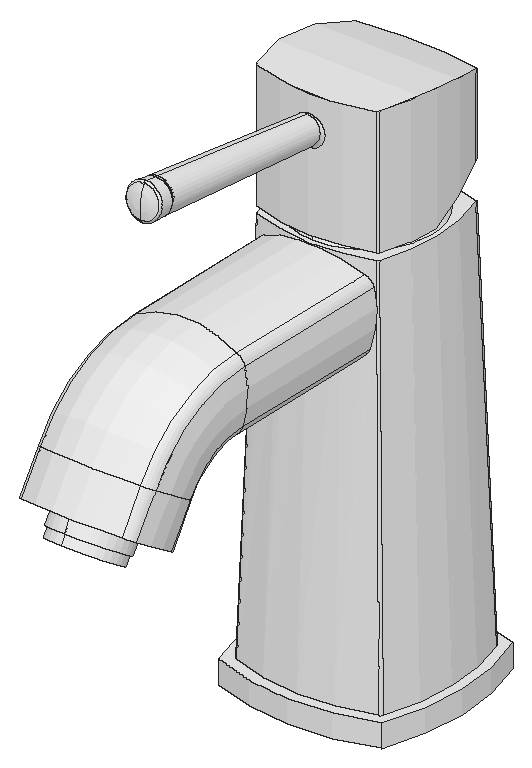
Revit family "Faucet-Lavatory-Grohe-Grandera-23312_Series", category Plumbing Fixtures, Revit 2014
Parameters (values of type "23312000")
  cUPC Compliant = yes
  Waste Connection = no
  Warranty Documentation Link = "https://cdn.cloud.grohe.com/tpi/1000/1900/1940/1949/1949006/original/1949006.pdf"
  WFU = 0
  Vent Connection = no
  URL = "http://www.grohe.com/ca-en/"
  Shipping Weight = 4.07 lbf
  Product Page URL = "https://www.grohe.com/ca-en/25793/bathroom/bathroom-faucets/grandera/product-details/?product=23312-G357&color=000&material=23312000"
  Price = "Prices may vary. Please consult Manufacturer Representative for most up-to-date price list."  # constant formula
  Model = "23312000"
  Material = "Metal-Grohe-000-Chrome"
  Manufacturer = "Grohe"
  Length = 4 3/8"  # constant formula
  Installation Type = "Deck-Mounted"
  Hot Water Connection Diameter = 3/8"
  Height = 6 7/8"  # constant formula
  HWFU = 1.5
  HW Connection = yes
  Flow Rate = "1.5 gpm (5.7 L/min)"
  Finish = Metal-Grohe-000-Chrome
  Description = "Grandera Single-lever basin mixer 1/2\" M-Size"
  Default Elevation = 0"
  Creation Date = "1/26/2017"  # constant formula
  Cold Water Connection Diameter = 3/8"
  CalGreen Compliant = yes
  CWFU = 1.5
  CW Connection = yes
  Assembly Code = "D2020300"
  ADA Compliant = yes
Types (5): name | Shipping Weight | Product Page URL | Model | Material | Flow Rate | Finish
  (no name) | 4.07 lbf | "https://www.grohe.com/ca-en/25793/bathroom/bathroom-faucets/grandera/product-details/?product=23312-G357&color=000&material=23312000" | "23312000" | "Metal-Grohe-000-Chrome" | "1.5 gpm (5.7 L/min)" | Metal-Grohe-000-Chrome
  23312000 | 4.07 lbf | "https://www.grohe.com/ca-en/25793/bathroom/bathroom-faucets/grandera/product-details/?product=23312-G357&color=000&material=23312000" | "23312000" | "Metal-Grohe-000-Chrome" | "1.5 gpm (5.7 L/min)" | Metal-Grohe-000-Chrome
  2331200A | 4.07 lbf | "https://www.grohe.com/ca-en/25793/bathroom/bathroom-faucets/grandera/product-details/?product=23312-G357&color=00A&material=2331200A" | "2331200A" | "Metal-Grohe-00A-Chrome" | "1.2 gpm (4.56 L/min)" | Metal-Grohe-00A-Chrome
  23312EN0 | 4.00 lbf | "https://www.grohe.com/ca-en/25793/bathroom/bathroom-faucets/grandera/product-details/?product=23312-G357&color=EN0&material=23312EN0" | "23312EN0" | "Metal-Grohe-EN0-Brushed Nickel" | "1.5 gpm (5.7 L/min)" | Metal-Grohe-EN0-Brushed Nickel
  23312ENA | 4.00 lbf | "https://www.grohe.com/ca-en/25793/bathroom/bathroom-faucets/grandera/product-details/?product=23312-G357&color=ENA&material=23312ENA" | "23312ENA" | "Metal-Grohe-ENA-Brushed Nickel" | "1.2 gpm (4.56 L/min)" | Metal-Grohe-ENA-Brushed Nickel
Reference planes (in)
  plane 1 "Center (Front/Back)": y = 0
  plane 2: z = 0
  plane 3 "Center (Left/Right)": x = 0
  plane 4: x = -1.1875
  plane 5: x = 1.1875
  plane 6: y = 1.3125
  plane 7: y = 1.1875
  plane 8: y = -1.1875
  plane 9: through (0, -3.44939, 6.67499) normal (0, -0.1219, -0.9925)
  plane 10: z = 6.875
  plane 11: z = 3.25
  plane 12: y = -4.375
  plane 13: through (0, -4.375, 3.25) normal (0, -0.866, 0.5)
Forms (in)
  Extrusion 1, solid, material "Metal-Grohe-000-Chrome" <- "Finish"
    sketch origin (0, 0, 0) x (1, 0, 0) y (0, 1, 0)
      loop
        arc (-0.99784, 0.99095) -> (-1.18799, 0) -> (-0.99784, -0.99095) r 2.67717
        arc (-0.99784, -0.99095) -> (-0.00689, -1.1811) -> (0.98406, -0.99095) r 2.67717
        arc (0.98406, -0.99095) -> (1.17421, 0) -> (0.98406, 0.99095) r 2.67717
        arc (0.98406, 0.99095) -> (-0.00689, 1.1811) -> (-0.99784, 0.99095) r 2.67717
    from 0 to 0.27559
  Blend 2, solid, material "Metal-Grohe-000-Chrome" <- "Finish"
    base sketch origin (5.125, 0, 0) x (1, 0, 0) y (0, 1, 0)
      loop
        arc (-4.21719, 0.86382) -> (-4.23166, 0.88645) -> (-4.25429, 0.90092) r 0.0625
        arc (-4.25429, 0.90092) -> (-5.12654, 1.05464) -> (-5.99773, 0.89505) r 2.50369
        arc (-5.99773, 0.89505) -> (-6.02063, 0.88022) -> (-6.03524, 0.85718) r 0.06377
        arc (-6.03524, 0.85718) -> (-6.18655, -0.0003) -> (-6.03503, -0.85774) r 2.50369
        arc (-6.03503, -0.85774) -> (-6.02072, -0.88031) -> (-5.99829, -0.89484) r 0.0625
        arc (-5.99829, -0.89484) -> (-5.12684, -1.05464) -> (-4.25429, -0.90092) r 2.50369
        arc (-4.25429, -0.90092) -> (-4.23166, -0.88645) -> (-4.21719, -0.86382) r 0.0625
        arc (-4.21719, -0.86382) -> (-4.06345, 0) -> (-4.21719, 0.86382) r 2.50369
    top sketch origin (5.125, 0, 0) x (1, 0, 0) y (0, 1, 0)
      loop
        arc (-4.39482, 0.75324) -> (-5.12487, 0.87515) -> (-5.85495, 0.75338) r 2.24803
        arc (-5.85495, 0.75338) -> (-5.86872, 0.74478) -> (-5.87732, 0.731) r 0.03603
        arc (-5.87732, 0.731) -> (-5.9991, 0.00092) -> (-5.87718, -0.72913) r 2.24803
        arc (-5.87718, -0.72913) -> (-5.86879, -0.74257) -> (-5.85536, -0.75096) r 0.03516
        arc (-5.85536, -0.75096) -> (-5.12509, -0.87288) -> (-4.39482, -0.75096) r 2.24803
        arc (-4.39482, -0.75096) -> (-4.38138, -0.74257) -> (-4.37299, -0.72913) r 0.03516
        arc (-4.37299, -0.72913) -> (-4.25107, 0.00114) -> (-4.37299, 0.73141) r 2.24803
        arc (-4.37299, 0.73141) -> (-4.38138, 0.74485) -> (-4.39482, 0.75324) r 0.03516
    from 0 to 5.11811
  Sweep 3, solid, material "Metal-Grohe-000-Chrome" <- "Finish"
    path origin (5.125, 0, -0.14723) x (0, 1, 0) y (0, 0, 1)
      loop
        line (0, 2.85955) -> (0, 3.94005)
        arc (0, 3.94005) -> (-0.21967, 4.47038) -> (-0.75, 4.69005) r 0.75
        line (-0.75, 4.69005) -> (-2.73624, 4.69005)
        arc (-2.73624, 4.69005) -> (-3.37603, 4.52459) -> (-3.85538, 4.0697) r 1.31967
        line (-3.85538, 4.0697) -> (-4.13356, 3.62452)
    profile origin (5.125, 0, 3.25257) x (0, -1, 0) y (1, 0, 0)
      loop
        arc (-0.40648, -5.7305) -> (-0.35436, -5.78925) -> (-0.28318, -5.82247) r 0.19367
        arc (-0.28318, -5.82247) -> (0.05103, -5.85447) -> (0.38144, -5.79485) r 1.22911
        arc (0.38144, -5.79485) -> (0.446, -5.7591) -> (0.4927, -5.70196) r 0.19531
        arc (0.4927, -5.70196) -> (0.64022, -5.11949) -> (0.494, -4.53669) r 1.22911
        arc (0.494, -4.53669) -> (0.44736, -4.47937) -> (0.38275, -4.44348) r 0.19531
        arc (0.38275, -4.44348) -> (0.05146, -4.38344) -> (-0.28369, -4.41555) r 1.22911
        arc (-0.28369, -4.41555) -> (-0.35564, -4.44922) -> (-0.40823, -4.50876) r 0.19531
        arc (-0.40823, -4.50876) -> (-0.5699, -5.11986) -> (-0.40648, -5.7305) r 1.22911
  Extrusion 4, solid, material "Metal-Grohe-000-Chrome" <- "Finish"
    sketch origin (0, 0.17969, 0.35156) x (0, 1, 0) y (0, 0, 1)
      loop
        line (1.28867, 1.9685) -> (0.88508, 1.9685)
        arc (0.88508, 1.9685) -> (0.8652, 1.96027) -> (0.85696, 1.94038) r 0.02812
        line (0.85696, 1.94038) -> (0.85696, 1.66973)
        arc (0.85696, 1.66973) -> (0.86438, 1.64691) -> (0.88379, 1.6328) r 0.03883
        line (0.88379, 1.6328) -> (1.01692, 1.58955)
        arc (1.01692, 1.58955) -> (1.03196, 1.59073) -> (1.04176, 1.6022) r 0.01971
        line (1.04176, 1.6022) -> (1.07677, 1.70996)
        arc (1.07677, 1.70996) -> (1.08851, 1.72612) -> (1.1075, 1.73229) r 0.0323
        line (1.1075, 1.73229) -> (1.29103, 1.73229)
        arc (1.29103, 1.73229) -> (1.30621, 1.73857) -> (1.3125, 1.75375) r 0.02147
        line (1.3125, 1.75375) -> (1.3125, 1.94467)
        arc (1.3125, 1.94467) -> (1.30552, 1.96152) -> (1.28867, 1.9685) r 0.02383
    from -0.23918 to 0.25128
  Revolve 5, solid, material "Metal-Grohe-000-Chrome" <- "Finish"
    sketch origin (0, 0.07813, -0.00781) x (0, 1, 0) y (0, 0, 1)
      loop
        line (1.13219, 2.04297) -> (1.06641, 2.06434) -> (0.74048, 1.06123) -> (0.80626, 1.03986) -> (1.13219, 2.04297)
      axis (0.74048, 1.06123) -> (1.06641, 2.06434)
    angle from 0 to 360
  Revolve 6, solid, material "Metal-Grohe-000-Chrome" <- "Finish"
    sketch origin (0, 0, 0) x (0, 1, 0) y (0, 0, 1)
      loop
        line (0, 5.63582) -> (0, 4.90626) -> (0.8142, 4.90626) -> (0.8142, 5.11811)
        arc (0.8142, 5.11811) -> (0.4826, 5.49571) -> (0, 5.63582) r 0.8973
      axis (0, 5.63582) -> (0, 4.90626)
    angle from 0 to 360
  Extrusion 7, solid, material "Metal-Grohe-000-Chrome" <- "Finish"
    sketch origin (0, 0, 0) x (1, 0, 0) y (0, 1, 0)
      loop
        arc (0.73018, 0.75324) -> (-0.00009, 0.87516) -> (-0.73036, 0.75324) r 2.24803
        arc (-0.73036, 0.75324) -> (-0.74379, 0.74485) -> (-0.75218, 0.73141) r 0.03516
        arc (-0.75218, 0.73141) -> (-0.8741, 0.00114) -> (-0.75218, -0.72913) r 2.24803
        arc (-0.75218, -0.72913) -> (-0.74379, -0.74257) -> (-0.73036, -0.75096) r 0.03516
        arc (-0.73036, -0.75096) -> (-0.00009, -0.87288) -> (0.73018, -0.75096) r 2.24803
        arc (0.73018, -0.75096) -> (0.74362, -0.74257) -> (0.75201, -0.72913) r 0.03516
        arc (0.75201, -0.72913) -> (0.87393, 0.00114) -> (0.75201, 0.73141) r 2.24803
        arc (0.75201, 0.73141) -> (0.74362, 0.74485) -> (0.73018, 0.75324) r 0.03516
    from 5.20431 to 7.17638
  Extrusion 8, void
    sketch origin (0, 0, 0) x (0, 1, 0) y (0, 0, 1)
      loop
        line (1.07733, 6.4415) -> (1.07733, 7.3425) -> (-0.96471, 7.3425) -> (-0.96471, 6.72816)
        arc (-0.96471, 6.72816) -> (0.07553, 6.72174) -> (1.07733, 6.4415) r 3.91361
      loop
        line (-0.10642, 5.17183) -> (0.96678, 5.17183) -> (0.96678, 5.69527) -> (-0.10642, 5.17183)
    from -1.1875 to 1.1875
  Revolve 9, solid, material "Metal-Grohe-000-Chrome" <- "Finish"
    sketch origin (0, 0.01562, 0) x (0, 1, 0) y (0, 0, 1)
      loop
        arc (-0.91286, 6.52833) -> (-2.04939, 6.67374) -> (-3.18177, 6.8486) r 44.14224
        line (-3.18177, 6.8486) -> (-3.18775, 6.81752) -> (-3.21953, 6.82364) -> (-3.21408, 6.85603)
        arc (-3.21408, 6.85603) -> (-3.28966, 6.86883) -> (-3.36523, 6.88177) r 44.14118
        arc (-3.36523, 6.88177) -> (-3.38153, 6.87925) -> (-3.39303, 6.86742) r 0.02596
        arc (-3.39303, 6.86742) -> (-3.42906, 6.7735) -> (-3.44939, 6.67499) r 0.61877
        line (-3.44939, 6.67499) -> (-0.82705, 6.35301) -> (-0.82705, 6.58062)
        arc (-0.82705, 6.58062) -> (-0.86098, 6.53974) -> (-0.91286, 6.52833) r 0.08178
      axis (-0.82705, 6.35301) -> (-3.44939, 6.67499)
    angle from 0 to 360
  Revolve 10, solid, material "Metal-Grohe-000-Chrome" <- "Finish"
    sketch origin (0, 0.2711, -4.77202) x (0, 0.97814, -0.207948) y (0, 0.207948, 0.97814)
      loop
        line (-5.69098, 6.86176) -> (-5.66119, 6.85153) -> (-5.58089, 7.07217) -> (-5.99798, 7.22398) -> (-6.12147, 6.88469) -> (-5.72934, 6.75005) -> (-5.69098, 6.86176)
      axis (-5.99798, 7.22398) -> (-6.12147, 6.88469)
    angle from 0 to 360
  Extrusion 11, solid, material "Metal-Grohe-000-Chrome" <- "Finish"
    sketch origin (0, 0, 0) x (1, 0, 0) y (0, 1, 0)
      loop
        circle (-0.43015, 0) r 0.1875
      loop
        circle (0.43015, 0) r 0.1875
    from 0 to 1.03412
Cuts and joins
  Extrusion 8 cuts Extrusion 7
  joined: Extrusion 1, Blend 2, Sweep 3, Extrusion 4, Revolve 5, Revolve 6, Extrusion 7, Revolve 9, Revolve 10, Extrusion 11
Lines and regions (in)
  Masking region 1
    outline origin (0, 0, 0) x (1, 0, 0) y (0, 1, 0)
      loop
        arc (0.98406, 0.99095) -> (0.62396, 1.10571) -> (0.25128, 1.16862) r 2.67717
        line (0.25128, 1.16862) -> (0.25128, 1.49219) -> (-0.23918, 1.49219) -> (-0.23918, 1.17101)
        arc (-0.23918, 1.17101) -> (-0.6251, 1.10875) -> (-0.99784, 0.99095) r 2.67717
        arc (-0.99784, 0.99095) -> (-1.18799, 0) -> (-0.99784, -0.99095) r 2.67717
        arc (-0.99784, -0.99095) -> (-0.86961, -1.03829) -> (-0.73913, -1.07902) r 2.67717
        line (-0.73913, -1.07902) -> (-0.73913, -4.17139)
        arc (-0.73913, -4.17139) -> (-0.72759, -4.2601) -> (-0.70842, -4.34748) r 1.03341
        arc (-0.70842, -4.34748) -> (-0.00632, -4.64215) -> (0.7033, -4.36609) r 1.01576
        arc (0.7033, -4.36609) -> (0.72589, -4.2696) -> (0.73913, -4.17139) r 1.03341
        line (0.73913, -4.17139) -> (0.73913, -1.07506)
        arc (0.73913, -1.07506) -> (0.86261, -1.03597) -> (0.98406, -0.99095) r 2.67717
        arc (0.98406, -0.99095) -> (1.17421, 0) -> (0.98406, 0.99095) r 2.67717
  symbolic lines, detail levels medium+fine
    curve 1: arc (0.74638, 0.7476, 0) -> (-0.00009, 0.87516, 0) -> (-0.74655, 0.7476, 0) r 2.24803
    curve 2: arc (-0.74655, 0.7476, 0) -> (-0.8741, 0.00114, 0) -> (-0.74655, -0.74533, 0) r 2.24803
    curve 3: arc (0.74638, -0.74533, 0) -> (0.87393, 0.00114, 0) -> (0.74638, 0.7476, 0) r 2.24803
    curve 4: arc (-0.74655, -0.74533, 0) -> (-0.47606, -0.82191, 0) -> (-0.19813, -0.86414, 0) r 2.24803
    curve 5: line (-0.73913, -1.11841, 0) -> (-0.73913, -0.74792, 0)
    curve 6: line (0.73913, -1.11533, 0) -> (0.73913, -0.74786, 0)
    curve 7: arc (-0.19982, -3.40431, 0) -> (-0.00546, -3.43912, 0) -> (0.18889, -3.40431, 0) r 0.56004
    curve 8: arc (0.18889, -3.40431, 0) -> (0.21157, -3.38342, 0) -> (0.213, -3.35262, 0) r 0.04055
    curve 9: line (0.213, -3.35262, 0) -> (0.20847, -3.22289, 0)
    curve 10: arc (0.20847, -3.22289, 0) -> (0.19235, -3.21367, 0) -> (0.17407, -3.21037, 0) r 0.05482
    curve 11: arc (0.20516, -3.19027, 0) -> (0.1627, -2.04938, 0) -> (0.16532, -0.9077, 0) r 28.90634
    curve 12: arc (0.16532, -0.9077, 0) -> (0.17763, -0.88281, 0) -> (0.19816, -0.86412, 0) r 0.07486
    curve 13: arc (-0.18889, -3.40431, 0) -> (-0.21157, -3.38342, 0) -> (-0.213, -3.35262, 0) r 0.04055
    curve 14: line (-0.213, -3.35262, 0) -> (-0.20847, -3.22289, 0)
    curve 15: arc (-0.20847, -3.22289, 0) -> (-0.19235, -3.21367, 0) -> (-0.17407, -3.21037, 0) r 0.05482
    curve 16: arc (-0.20516, -3.19027, 0) -> (-0.1627, -2.04938, 0) -> (-0.16532, -0.9077, 0) r 28.90634
    curve 17: arc (-0.16532, -0.9077, 0) -> (-0.17762, -0.88282, 0) -> (-0.19813, -0.86414, 0) r 0.07486
    curve 18: arc (0.19816, -0.86412, 0) -> (0.47599, -0.82189, 0) -> (0.74638, -0.74533, 0) r 2.24803
    curve 19: arc (-0.20516, -3.19027, 0) -> (-0.19167, -3.20349, 0) -> (-0.17407, -3.21037, 0) r 0.04724
    curve 20: arc (0.20516, -3.19027, 0) -> (0.19167, -3.20349, 0) -> (0.17407, -3.21037, 0) r 0.04724
    curve 27: arc (-0.19813, -0.86414, 0) -> (-0.00034, -0.87287, 0) -> (0.19745, -0.86414, 0) r 2.24516
  symbolic lines, detail levels fine
    curve 21: arc (-0.82856, 0.90074, 0) -> (-0.00485, 1.04496, 0) -> (0.82013, 0.90828, 0) r 2.48935
    curve 22: arc (-0.91965, -0.79927, 0) -> (-1.05144, 0.00767, 0) -> (-0.91471, 0.81379, 0) r 2.48958
    curve 23: arc (0.83317, -0.90361, 0) -> (0.7863, -0.91959, 0) -> (0.73913, -0.93463, 0) r 2.48935
    curve 24: arc (0.91474, 0.81368, 0) -> (1.05144, -0.00684, 0) -> (0.91019, -0.82659, 0) r 2.48949
    curve 25: line (-0.23918, 1.17101, 0) -> (-0.23918, 1.03283, 0)
    curve 26: line (0.25128, 1.16862, 0) -> (0.25128, 1.03293, 0)
    curve 28: arc (-0.91471, 0.81379, 0) -> (-0.88154, 0.86707, 0) -> (-0.82856, 0.90074, 0) r 0.14134
    curve 29: arc (0.82013, 0.90828, 0) -> (0.87832, 0.87187, 0) -> (0.91474, 0.81368, 0) r 0.15302
    curve 30: arc (0.91019, -0.82659, 0) -> (0.88043, -0.87385, 0) -> (0.83317, -0.90361, 0) r 0.12602
    curve 31: arc (-0.8142, -0.90568, 0) -> (-0.87921, -0.86465, 0) -> (-0.91965, -0.79927, 0) r 0.1708
    curve 32: arc (-0.73913, -0.93056, 0) -> (-0.77676, -0.91842, 0) -> (-0.8142, -0.90568, 0) r 2.48935
    curve 33: arc (-0.17407, -3.21037, 0) -> (0, -3.2295, 0) -> (0.17407, -3.21037, 0) r 0.80146
    curve 34: arc (-0.20847, -3.22289, 0) -> (0, -3.24588, 0) -> (0.20847, -3.22289, 0) r 0.95676
Dimensions and locks (in)
  equal spacing: plane 4, plane 3 "Center (Left/Right)", plane 5
  locked: plane 4 to plane 5 at 2.375
  locked: plane 6 to plane 1 "Center (Front/Back)" at 1.3125
  equal spacing: plane 7, plane 1 "Center (Front/Back)", plane 8
  locked: plane 7 to plane 8 at 2.375
  "Height": level to plane 10
  locked: plane 11 to level at 3.25
  "Length": plane 1 "Center (Front/Back)" to plane 12
  "Hot Water Connection Diameter": diameter of Extrusion 11 sketch curve
  "Cold Water Connection Diameter": diameter of Extrusion 11 sketch curve
  locked: plane 12 to plane 13 (angle 30.00°)
  aligned and locked: Extrusion 1 to level
Automatic sketch dimensions
  Extrusion 1 sketch curve to plane 1 "Center (Front/Back)" = 0"  (x2)
  Extrusion 1 sketch curve to plane 4 = 0.31545"
  Extrusion 1 sketch curve to plane 3 "Center (Left/Right)" = 0.00689"  (x2)
  Extrusion 1 sketch curve to plane 5 = 0.30167"
  plane 8 to Extrusion 1 sketch curve = 0.30856"
  Extrusion 1 sketch curve to plane 6 = 0.18356"
  plane 4 to Extrusion 1 sketch curve = 0.18966"  (x2)
  plane 5 to Extrusion 1 sketch curve = 0.20344"
  Extrusion 1 sketch curve to plane 8 = 0.19655"
  Blend 2 sketch curve to plane 1 "Center (Front/Back)" = 0"  (x2)
  Blend 2 sketch curve to plane 4 = 0.25464"
  plane 4 to Blend 2 sketch curve = 0.33618"
  plane 4 to Blend 2 sketch curve = 0.33718"
  plane 3 "Center (Left/Right)" to Blend 2 sketch curve = 0.00689"  (x2)
  plane 5 to Blend 2 sketch curve = 0.33835"  (x2)
  Blend 2 sketch curve to plane 5 = 0.25464"
  Blend 2 sketch curve to plane 8 = 0.35117"
  Blend 2 sketch curve to plane 8 = 0.34524"
  plane 8 to Blend 2 sketch curve = 0.26153"
  Blend 2 sketch curve to plane 7 = 0.35215"
  Blend 2 sketch curve to plane 7 = 0.34524"
  Blend 2 sketch curve to plane 6 = 0.13653"
  Blend 2 sketch curve to Blend 2 sketch curve = 0.05991"
  Blend 2 sketch curve to Blend 2 sketch curve = 0"  (x14)
  Blend 2 sketch curve to plane 1 "Center (Front/Back)" = 0.00114"  (x2)
  Blend 2 sketch curve to plane 4 = 0.1866"
  plane 4 to Blend 2 sketch curve = 0.46857"
  plane 4 to Blend 2 sketch curve = 0.46925"
  Blend 2 sketch curve to plane 3 "Center (Left/Right)" = 0.00009"  (x2)
  plane 5 to Blend 2 sketch curve = 15/32"  (x2)
  Blend 2 sketch curve to plane 5 = 0.18643"
  Blend 2 sketch curve to plane 8 = 0.46979"  (x2)
  plane 8 to Blend 2 sketch curve = 0.18538"
  Blend 2 sketch curve to plane 7 = 0.4682"
  Blend 2 sketch curve to plane 7 = 0.46751"
  Blend 2 sketch curve to plane 6 = 0.06266"
  Blend 2 sketch curve to Blend 2 sketch curve = 0.03407"
  Extrusion 7 sketch curve to plane 1 "Center (Front/Back)" = 0.00114"  (x2)
  Extrusion 7 sketch curve to plane 4 = 0.1866"
  plane 4 to Extrusion 7 sketch curve = 0.46857"  (x2)
  Extrusion 7 sketch curve to plane 3 "Center (Left/Right)" = 0.00009"  (x2)
  plane 5 to Extrusion 7 sketch curve = 15/32"  (x2)
  Extrusion 7 sketch curve to plane 5 = 0.18643"
  Extrusion 7 sketch curve to plane 8 = 0.46979"  (x2)
  plane 8 to Extrusion 7 sketch curve = 0.18538"
  Extrusion 7 sketch curve to plane 7 = 0.46751"  (x2)
  Extrusion 7 sketch curve to plane 6 = 0.06266"
  Extrusion 7 sketch curve to Extrusion 7 sketch curve = 0.03325"  (x2)
  Extrusion 7 sketch curve to Extrusion 7 sketch curve = 0"  (x6)
  Masking region 1 sketch curve to Masking region 1 sketch curve = 0"  (x4)
  Masking region 1 sketch curve to plane 1 "Center (Front/Back)" = 0"  (x2)
  Masking region 1 sketch curve to plane 4 = 0.31545"
  Masking region 1 sketch curve to plane 8 = 0.10848"
  Masking region 1 sketch curve to plane 3 "Center (Left/Right)" = 0.73913"
  Masking region 1 sketch curve to Masking region 1 sketch curve = 0.44867"  (x2)
  Masking region 1 sketch curve to plane 7 = 0.01649"
  Masking region 1 sketch curve to plane 3 "Center (Left/Right)" = 0.23918"
  Masking region 1 sketch curve to plane 3 "Center (Left/Right)" = 0.00689"  (x2)
  plane 3 "Center (Left/Right)" to Masking region 1 sketch curve = 0.00707"
  Masking region 1 sketch curve to plane 7 = 0.01888"
  plane 3 "Center (Left/Right)" to Masking region 1 sketch curve = 0.25128"
  plane 3 "Center (Left/Right)" to Masking region 1 sketch curve = 0.29045"
  Masking region 1 sketch curve to plane 5 = 0.30167"
  plane 8 to Masking region 1 sketch curve = 0.30856"
  plane 12 to Masking region 1 sketch curve = 0.74853"
  plane 12 to Masking region 1 sketch curve = 0.29243"  (x2)
  Masking region 1 sketch curve to Masking region 1 sketch curve = 0.08882"  (x2)
  Masking region 1 sketch curve to plane 8 = 0.11244"
  Masking region 1 sketch curve to plane 6 = 23/128"
  Masking region 1 sketch curve to plane 6 = 0.18356"
  plane 4 to Masking region 1 sketch curve = 0.18966"
  plane 12 to Masking region 1 sketch curve = 0.02752"
  Masking region 1 sketch curve to plane 7 = 0.19655"
  Sweep 3 sketch curve to plane 1 "Center (Front/Back)" = 0"
  Sweep 3 sketch curve to plane 8 = 7/16"
  Sweep 3 sketch curve to plane 11 = 0.02685"
  plane 8 to Sweep 3 sketch curve = 1.54874"
  plane 12 to Sweep 3 sketch curve = 0.51962"
  plane 11 to Sweep 3 sketch curve = 0.54282"
  plane 12 to Sweep 3 sketch curve = 0.24144"
  Sweep 3 sketch curve to plane 11 = 0.53768"
  plane 11 to Sweep 3 sketch curve = 0.22729"
  Extrusion 4 sketch curve to plane 7 = 0.15085"
  Extrusion 4 sketch curve to Extrusion 4 sketch curve = 0.02683"
  Extrusion 4 sketch curve to Extrusion 4 sketch curve = 0.02812"
  Extrusion 4 sketch curve to Extrusion 4 sketch curve = 0.012"
  plane 7 to Extrusion 4 sketch curve = 0.00911"
  plane 7 to Extrusion 4 sketch curve = 0.0152"
  Extrusion 4 sketch curve to Extrusion 4 sketch curve = 0.01875"
  plane 6 to Extrusion 4 sketch curve = 0.05604"
  plane 6 to Extrusion 4 sketch curve = 0.02532"
  Extrusion 4 sketch curve to plane 6 = 0.15586"
  Extrusion 4 sketch curve to plane 6 = 0.15822"
  Extrusion 4 sketch curve to Extrusion 4 sketch curve = 0.02383"
  Extrusion 4 sketch curve to plane 11 = 1.30889"
  Extrusion 4 sketch curve to Extrusion 4 sketch curve = 0.01266"
  Extrusion 4 sketch curve to Extrusion 4 sketch curve = 0.04326"
  Extrusion 4 sketch curve to Extrusion 4 sketch curve = 0.09778"
  Extrusion 4 sketch curve to Extrusion 4 sketch curve = 0.00998"
  Extrusion 4 sketch curve to Extrusion 4 sketch curve = 0.27065"
  Revolve 6 sketch curve to plane 1 "Center (Front/Back)" = 0"  (x2)
  Revolve 6 sketch curve to plane 1 "Center (Front/Back)" = 0.00114"
  Revolve 6 sketch curve to plane 7 = 0.3733"
  plane 11 to Revolve 6 sketch curve = 1.48852"
  Revolve 6 sketch curve to Revolve 6 sketch curve = 0.16775"
  Revolve 6 sketch curve to Revolve 6 sketch curve = 0.21185"
  Revolve 6 sketch curve to Revolve 6 sketch curve = 0.52852"
  Revolve 6 sketch curve to Revolve 6 sketch curve = 0.21691"
  Extrusion 8 sketch curve to plane 8 = 0.22279"
  plane 1 "Center (Front/Back)" to Extrusion 8 sketch curve = 0.46853"
  plane 1 "Center (Front/Back)" to Extrusion 8 sketch curve = 0.10642"
  Extrusion 8 sketch curve to plane 7 = 0.22072"
  Extrusion 8 sketch curve to plane 7 = 0.11017"
  Extrusion 8 sketch curve to plane 11 = 0.40387"
  plane 10 to Extrusion 8 sketch curve = 1.70317"
  Extrusion 8 sketch curve to Extrusion 8 sketch curve = 67/128"
  plane 10 to Extrusion 8 sketch curve = 0.4335"
  Extrusion 8 sketch curve to plane 10 = 0.4675"
  plane 10 to Revolve 9 sketch curve = 0.20001"
  plane 12 to Revolve 9 sketch curve = 0.94123"
  plane 10 to Revolve 9 sketch curve = 0.01882"
  Revolve 9 sketch curve to Revolve 9 sketch curve = 0.07976"
  plane 10 to Revolve 9 sketch curve = 0.05136"
  Revolve 9 sketch curve to Revolve 9 sketch curve = 0.1501"
  plane 10 to Revolve 9 sketch curve = 0.01897"
  Revolve 9 sketch curve to Revolve 9 sketch curve = 0.00545"
  plane 10 to Revolve 9 sketch curve = 0.05748"
  Revolve 9 sketch curve to Revolve 9 sketch curve = 0.03178"
  plane 10 to Revolve 9 sketch curve = 0.0264"
  Revolve 9 sketch curve to Revolve 9 sketch curve = 0.35252"
  Revolve 9 sketch curve to plane 8 = 0.29959"
  Revolve 9 sketch curve to Revolve 9 sketch curve = 0.07648"
  Revolve 9 sketch curve to plane 6 = 2.82184"
  Revolve 9 sketch curve to Revolve 9 sketch curve = 0.00151"
  plane 10 to Revolve 9 sketch curve = 0.26542"
  plane 10 to Revolve 9 sketch curve = 0.27542"
  Revolve 9 sketch curve to Revolve 9 sketch curve = 0.02897"
  Revolve 9 sketch curve to Revolve 9 sketch curve = 0.17533"
  Revolve 9 sketch curve to plane 10 = 43.5077"
  Revolve 9 sketch curve to Revolve 9 sketch curve = 0.00119"
  Revolve 9 sketch curve to Revolve 9 sketch curve = 0"
  Revolve 9 sketch curve to plane 8 = 1/64"
  Revolve 9 sketch curve to Revolve 9 sketch curve = 0.10483"
  Revolve 9 sketch curve to Revolve 9 sketch curve = 0.13107"
  Revolve 9 sketch curve to Revolve 9 sketch curve = 0.01287"
  Revolve 10 sketch curve to plane 11 = 0.01488"
  Revolve 10 sketch curve to plane 13 = 0.08547"
  Revolve 10 sketch curve to Revolve 10 sketch curve = 0.12349"
  Revolve 10 sketch curve to Revolve 10 sketch curve = 0.39214"
  Revolve 10 sketch curve to Revolve 10 sketch curve = 0.03836"
  Revolve 10 sketch curve to Revolve 10 sketch curve = 0.02979"
  Revolve 10 sketch curve to Revolve 10 sketch curve = 0.08031"
  Revolve 10 sketch curve to Revolve 10 sketch curve = 0.02293"
  Revolve 10 sketch curve to Revolve 10 sketch curve = 0.12054"
  Revolve 10 sketch curve to Revolve 10 sketch curve = 0.06555"
  Revolve 10 sketch curve to Revolve 10 sketch curve = 0.33119"
  Revolve 10 sketch curve to Revolve 10 sketch curve = 0.1801"
  Revolve 5 sketch curve to plane 7 = 0.36889"
  Revolve 5 sketch curve to Revolve 5 sketch curve = 0.06578"
  Revolve 5 sketch curve to plane 7 = 11/256"
  level to Revolve 5 sketch curve = 1.03204"
  Revolve 5 sketch curve to Revolve 5 sketch curve = 0.02137"
  Revolve 5 sketch curve to plane 7 = 0.25208"
  Revolve 5 sketch curve to Revolve 5 sketch curve = 0.03331"
  Revolve 5 sketch curve to Revolve 5 sketch curve = 0.35951"
  Revolve 5 sketch curve to Revolve 5 sketch curve = 0.10251"
  curve 4 to curve 18 = 0"  (x2)
  curve 23 to curve 32 = 0"  (x2)
  curve 33 to plane 3 "Center (Left/Right)" = 0"
  curve 34 to plane 3 "Center (Left/Right)" = 0"
  curve 4 to plane 3 "Center (Left/Right)" = 0.00009"
  curve 1 to plane 3 "Center (Left/Right)" = 0.00009"
  curve 27 to plane 3 "Center (Left/Right)" = 0.00034"
  curve 7 to plane 3 "Center (Left/Right)" = 0.00546"
  curve 19 to plane 3 "Center (Left/Right)" = 0.16602"
  curve 15 to curve 19 = 0.00758"
  curve 13 to curve 15 = 0.00123"
  curve 14 to curve 15 = 0.03487"
  curve 14 to curve 13 = 0.03817"
  curve 17 to plane 3 "Center (Left/Right)" = 0.23742"
  plane 4 to curve 31 = 0.42961"
  plane 4 to curve 28 = 0.40636"
  curve 3 to plane 1 "Center (Front/Back)" = 0.00114"
  curve 3 to plane 4 = 0.1866"
  curve 24 to plane 1 "Center (Front/Back)" = 0.00006"
  curve 24 to curve 3 = 0.06394"
  plane 8 to curve 16 = 0.35739"
  curve 16 to curve 24 = 27.6266"
  plane 3 "Center (Left/Right)" to curve 21 = 0.00654"
  plane 3 "Center (Left/Right)" to curve 23 = 0.00654"
  plane 3 "Center (Left/Right)" to curve 20 = 0.16602"
  curve 20 to curve 10 = 0.00758"
  curve 10 to curve 8 = 0.00123"
  curve 10 to curve 9 = 0.03487"
  curve 8 to curve 9 = 0.03817"
  plane 3 "Center (Left/Right)" to curve 12 = 0.23742"
  plane 5 to curve 29 = 0.41738"
  plane 5 to curve 30 = 0.39618"
  curve 2 to plane 1 "Center (Front/Back)" = 0.00114"
  curve 2 to plane 5 = 0.18643"
  curve 22 to plane 1 "Center (Front/Back)" = 0.00006"
  curve 2 to curve 22 = 0.0642"
  plane 8 to curve 11 = 0.35739"
  curve 22 to curve 11 = 27.62651"
  plane 8 to curve 34 = 1.10162"
  curve 7 to curve 33 = 0.45103"
  curve 20 to curve 7 = 0.28475"
  curve 19 to curve 7 = 0.28475"
  curve 9 to curve 20 = 0.05907"
  curve 10 to curve 34 = 0.0423"
  curve 15 to curve 34 = 0.0423"
  curve 14 to curve 15 = 0.08743"
  curve 9 to curve 10 = 0.08743"
  curve 8 to curve 8 = 0.01366"
  curve 13 to curve 13 = 0.01366"
  plane 8 to curve 21 = 0.25686"
  curve 21 to curve 1 = 0.07148"
  curve 12 to plane 8 = 0.25964"
  curve 17 to plane 8 = 0.25964"
  curve 30 to plane 8 = 0.40276"
  curve 31 to plane 8 = 0.44307"
  curve 29 to plane 7 = 0.42383"
  curve 28 to plane 7 = 0.41991"
  curve 27 to plane 6 = 0.05979"
  curve 27 to curve 18 = 0.00286"
  curve 18 to curve 23 = 0.06932"
  curve 17 to curve 17 = 0.03281"
  curve 14 to curve 15 = 0.03439"
  curve 13 to curve 13 = 0.01407"
  curve 7 to curve 13 = 0.01092"
  curve 25 to plane 3 "Center (Left/Right)" = 0.23918"
  curve 31 to curve 5 = 0.01876"
  curve 31 to curve 2 = 0.01134"
  curve 28 to curve 1 = 0.03459"
  curve 32 to curve 31 = 0.05631"
  curve 31 to curve 32 = 0"
  curve 28 to curve 28 = 0.04741"
  curve 21 to curve 28 = 0"
  curve 22 to curve 28 = 0"
  curve 12 to curve 12 = 0.0721"
  curve 7 to curve 8 = 0"
  curve 12 to curve 27 = 0.03213"
  curve 27 to curve 12 = 0.00071"
  curve 26 to plane 7 = 0.01888"
  plane 3 "Center (Left/Right)" to curve 26 = 0.25128"
  curve 6 to plane 8 = 0.07217"
  curve 6 to curve 30 = 0.05219"
  curve 1 to curve 29 = 0.02374"
  curve 29 to curve 21 = 0"
  curve 30 to curve 23 = 0.04185"
  curve 30 to curve 23 = 0"
  curve 24 to curve 30 = 0"
  curve 5 to plane 8 = 0.06909"
  curve 25 to plane 7 = 0.01649"
  plane 1 "Center (Front/Back)" to Extrusion 11 sketch curve = 0"  (x2)
  Extrusion 11 sketch curve to plane 3 "Center (Left/Right)" = 0.43015"
  plane 3 "Center (Left/Right)" to Extrusion 11 sketch curve = 0.43015"
  Sweep 3 sketch curve to profile plane = 0"  (x2)
  profile plane to Sweep 3 sketch curve = 0.23856"
  profile plane to Sweep 3 sketch curve = 0.23861"
  profile plane to Sweep 3 sketch curve = 0.5889"
  Sweep 3 sketch curve to profile plane = 0.32193"
  Sweep 3 sketch curve to profile plane = 0.32083"
  Sweep 3 sketch curve to Sweep 3 sketch curve = 0.33728"
  Sweep 3 sketch curve to profile plane = 5.63401"
  Sweep 3 sketch curve to Sweep 3 sketch curve = 0.02253"
  Sweep 3 sketch curve to Sweep 3 sketch curve = 0.0023"
  Sweep 3 sketch curve to Sweep 3 sketch curve = 0.5159"
  Sweep 3 sketch curve to Sweep 3 sketch curve = 0.49107"
  Sweep 3 sketch curve to Sweep 3 sketch curve = 0.48903"
  Sweep 3 sketch curve to Sweep 3 sketch curve = 0.00266"
  Sweep 3 sketch curve to Sweep 3 sketch curve = 0.02083"
  Sweep 3 sketch curve to Sweep 3 sketch curve = 0.04462"
  Sweep 3 sketch curve to Sweep 3 sketch curve = 0"  (x6)
  Sweep 3 sketch curve to Sweep 3 sketch curve = 0.04508"
  curve 33 to curve 34 = 0.13893"
  curve 11 to curve 9 = 0.00331"
Connectors (in)
  piping at (-0.43015, 0, 0), diameter 0.375, driven by "HWFU", driven by "Hot Water Connection Diameter"
    settings: on Extrusion 11, index 1, connector inside diameter 24", connector length 0", flow factor 0, pipe flow 0 GPM, pressure drop 0.00 psi, fitting loss kfactor 0, connector angle 0.00°, fixture units 1.5, engagement length 0", angle of deflection 0.00°, flow configuration 3, flow direction 1, fitting loss method 0, system type 19, joint type 0, gender type 0, connector reference index -1, connector utility 0, adjustable connector no, is connector primary yes, connector description "3/8\" NPT HW Inlet"
  piping at (0.43015, 0, 0), diameter 0.375, driven by "CWFU", driven by "Cold Water Connection Diameter"
    settings: on Extrusion 11, index 2, connector inside diameter 24", connector length 0", flow factor 0, pipe flow 0 GPM, pressure drop 0.00 psi, fitting loss kfactor 0, connector angle 0.00°, fixture units 1.5, engagement length 0", angle of deflection 0.00°, flow configuration 3, flow direction 1, fitting loss method 0, system type 20, joint type 0, gender type 0, connector reference index -1, connector utility 0, adjustable connector no, is connector primary no, connector description "3/8\" NPT CW Inlet"
